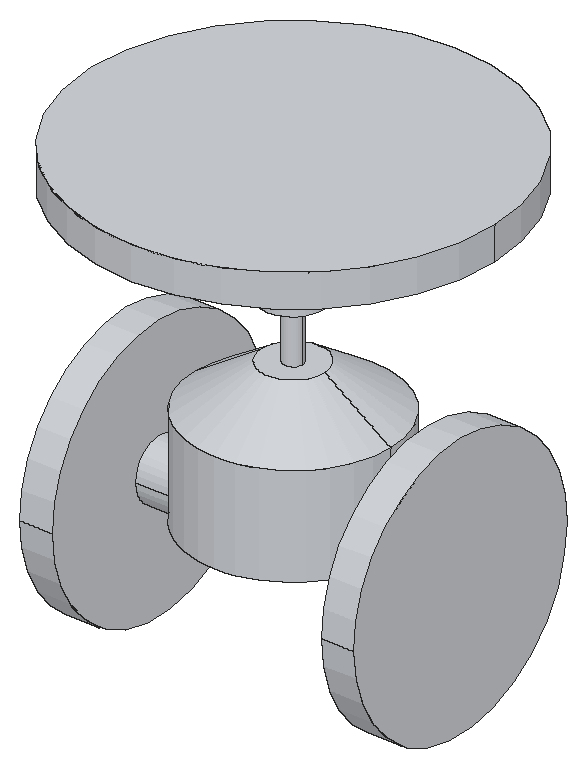
Revit family "M_Válvula de diafragma - Reto - 65-350 mm", category Acessórios do tubo, Revit 2019
Family settings
  Cota do conector redondo = Usar raio
  Tipo de parte = Válvula - Quebra entre
  Número OmniClass = 23.65.55.14.17
  Título OmniClass = Adjusting/Controlling Valves for Liquid Services
  ID de item do Seek = Diaphragm Valve - Straight - 65-350 mm-0000-CAN-ENU
  Com base no plano de trabalho = Não
  Sempre na vertical = Sim
  Corte com vazios quando carregada = Não
  Compartilhado = Não
Parameters (values of type "65 mm")
  Material da válvula = none
  Raio do tronco = 21 mm
  Altura do tronco = 0.3 * Altura total  # 67.5 mm
  Diâmetro do tronco = Raio do tronco * 2  # 42 mm
  Raio da tubulação = 20 mm
  Diâmetro da tubulação = Raio da tubulação * 2  # 40 mm
  Altura total = 225 mm
  Raio nominal = 32.5 mm
  Diâmetro nominal = Raio nominal * 2  # 65 mm
  Raio do pescoço = 0.3 * Raio do tronco  # 6.3 mm
  Altura do pescoço = 0.17 * Altura total  # 38.25 mm
  Diâmetro do pescoço = Raio do pescoço * 2  # 12.6 mm
  K Coefficient = 0.87
  Espessura da manivela = 22 mm
  Raio da manivela = 135 mm
  Material da manivela = none
  Diâmetro da manivela = Raio da manivela * 2  # 270 mm
  Comprimento do meio corpo = Comprimento do corpo * 0.5  # 90 mm
  Espessura do flange = 22 mm
  Raio da flange = 89 mm
  Diâmetro da flange = Raio da flange * 2  # 178 mm
  Raio da chapeleta = 3.12 * Raio do tronco  # 65.52 mm
  Altura da chapeleta = 67 mm
  Diâmetro da chapeleta = Raio da chapeleta * 2  # 131.04 mm
  Comprimento do corpo = 180 mm
Types (10, lengths in mm): name | Raio do tronco | Altura do tronco | Diâmetro do tronco | Raio da tubulação | Diâmetro da tubulação | Altura total | Raio nominal | Diâmetro nominal | Raio do pescoço | Altura do pescoço | Diâmetro do pescoço | K Coefficient | Espessura da manivela | Raio da manivela | Diâmetro da manivela | Comprimento do meio corpo | Espessura do flange | Raio da flange | Diâmetro da flange | Raio da chapeleta | Altura da chapeleta | Diâmetro da chapeleta | Comprimento do corpo
  (no name) | 21 | 67.5 | 42 | 20 | 40 | 225 | 32.5 | 65 | 6.3 | 38.25 | 12.6 | 0.87 | 22 | 135 | 270 | 90 | 22 | 89 | 178 | 65.52 | 67 | 131.04 | 180
  65 mm | 21 | 67.5 | 42 | 20 | 40 | 225 | 32.5 | 65 | 6.3 | 38.25 | 12.6 | 0.87 | 22 | 135 | 270 | 90 | 22 | 89 | 178 | 65.52 | 67 | 131.04 | 180
  80 mm | 24 | 77.1 | 48 | 24 | 48 | 257 | 40 | 80 | 7.2 | 43.69 | 14.4 | 0.66 | 27 | 140 | 280 | 108 | 24 | 95 | 190 | 74.88 | 75 | 149.76 | 216
  100 mm | 28 | 93 | 56 | 33 | 66 | 310 | 50 | 100 | 8.4 | 52.7 | 16.8 | 0.66 | 32 | 175 | 350 | 133 | 24 | 114 | 228 | 87.36 | 96 | 174.72 | 266
  125 mm | 32.5 | 111.6 | 65 | 43 | 86 | 372 | 62.5 | 125 | 9.75 | 63.24 | 19.5 | 0.65 | 40 | 175 | 350 | 157 | 24 | 125 | 250 | 101.4 | 117.5 | 202.8 | 314
  150 mm | 38 | 117 | 76 | 56 | 112 | 390 | 75 | 150 | 11.4 | 66.3 | 22.8 | 0.41 | 40 | 200 | 400 | 187.5 | 25 | 140 | 280 | 118.56 | 133 | 237.12 | 375
  200 mm | 48 | 165 | 96 | 72 | 144 | 550 | 100 | 200 | 14.4 | 93.5 | 28.8 | 0.55 | 54 | 265 | 530 | 235 | 28 | 170 | 340 | 149.76 | 180 | 299.52 | 470
  250 mm | 59 | 225 | 118 | 85 | 170 | 750 | 125 | 250 | 17.7 | 127.5 | 35.4 | 0.55 | 75 | 330 | 660 | 295 | 30 | 200 | 400 | 184.08 | 235 | 368.16 | 590
  300 mm | 68 | 186 | 136 | 120 | 240 | 620 | 150 | 300 | 20.4 | 105.4 | 40.8 | 0.5 | 57 | 378 | 756 | 347.5 | 32 | 240 | 480 | 212.16 | 235 | 424.32 | 695
  350 mm | 84 | 216 | 168 | 143 | 286 | 720 | 175 | 350 | 25.2 | 122.4 | 50.4 | 0.32 | 65 | 380 | 760 | 430 | 35 | 267 | 534 | 262.08 | 273 | 524.16 | 860
Reference planes
  plane 1 "Centro (Frente/Trás)": y = 0
  plane 2: z = 0
  plane 3 "Centro (Esquerda/Direita)": x = 0
  plane 4: x = -90
  plane 5: x = 90
  plane 6: x = -112
  plane 7: x = 112
  plane 8: z = 67
  plane 9: z = 225
  plane 10: z = 203
  plane 11: z = 134.5
  plane 12: z = 96.25
  plane 13: y = 89
  plane 14: y = -89
Forms (mm)
  Extrusion 1, solid, material <- "Material da válvula", detail levels fine
    sketch origin (0, 0, 0) x (0, 1, 0) y (0, 0, 1)
      loop
        circle (0, 0) r 89
    from -112 to -90
  Extrusion 2, solid, material <- "Material da válvula", detail levels fine
    sketch origin (0, 0, 0) x (0, 1, 0) y (0, 0, 1)
      loop
        circle (0, 0) r 89
    from 90 to 112
  Extrusion 3, solid, material <- "Material da válvula", detail levels fine
    sketch origin (0, 0, 0) x (0, 1, 0) y (0, 0, 1)
      loop
        circle (0, 0) r 20
    from -90 to 90
  Extrusion 4, solid, material <- "Material da válvula", detail levels fine
    sketch origin (0, 0, 0) x (1, 0, 0) y (0, 1, 0)
      loop
        circle (0, 0) r 65.52
    from 0 to 67
  Blend 5, solid, material <- "Material da válvula", detail levels fine
    base sketch origin (0, 0, 0) x (1, 0, 0) y (0, 1, 0)
      loop
        circle (0, 0) r 21
    top sketch origin (0, 0, 0) x (1, 0, 0) y (0, 1, 0)
      loop
        circle (0, 0) r 65.52
    from 96.25 to 67
  Extrusion 6, solid, material <- "Material da válvula", detail levels fine
    sketch origin (0, 0, 0) x (1, 0, 0) y (0, 1, 0)
      loop
        circle (0, 0) r 6.3
    from 96.25 to 134.5
  Extrusion 7, solid, material <- "Material da válvula", detail levels fine
    sketch origin (0, 0, 0) x (1, 0, 0) y (0, 1, 0)
      loop
        circle (0, 0) r 21
    from 134.5 to 203
  Extrusion 8, solid, material <- "Material da manivela", detail levels fine
    sketch origin (0, 0, 0) x (1, 0, 0) y (0, 1, 0)
      loop
        circle (0, 0) r 135
    from 203 to 225
Cuts and joins
  joined: Extrusion 1, Extrusion 2, Extrusion 3, Extrusion 4, Blend 5, Extrusion 6, Extrusion 7
Lines and regions (mm)
  model lines, detail levels coarse+medium
    curve 1: line (-112, 89, 0) -> (-112, -89, 0)
    curve 2: line (112, 89, 0) -> (112, -89, 0)
    curve 3: line (-112, -89, 0) -> (0, 89, 0)
    curve 5: line (112, -89, 0) -> (0, 89, 0)
    curve 6: line (-112, 89, 0) -> (112, 89, 0)
    curve 7: line (-213.6, 0, 0) -> (-112, 0, 0)
    curve 8: line (112, 0, 0) -> (213.6, 0, 0)
  model lines
    curve 4: line (0, 89, 0) -> (4.49, 84.51, 0)
Dimensions and locks
  equal spacing: plane 4, plane 3 "Centro (Esquerda/Direita)", plane 5
  "Comprimento do meio corpo": plane 4 to plane 3 "Centro (Esquerda/Direita)"
  "Espessura do flange": plane 6 to plane 4
  "Espessura do flange": plane 5 to plane 7
  "Altura da chapeleta": plane 8 to plane 2
  "Altura total": plane 9 to plane 2
  "Espessura da manivela": plane 9 to plane 10
  "Altura do tronco": plane 11 to plane 8
  "Altura do pescoço": plane 11 to plane 12
  "Raio da flange": plane 13 to plane 1 "Centro (Frente/Trás)"
  "Raio da flange": plane 1 "Centro (Frente/Trás)" to plane 14
  "Raio da flange": radius of Extrusion 1 sketch curve
  "Raio da flange": radius of Extrusion 2 sketch curve
  "Raio da tubulação": radius of Extrusion 3 sketch curve
  "Raio da chapeleta": radius of Extrusion 4 sketch curve
  "Raio do tronco": radius of Blend 5 sketch curve
  "Raio da chapeleta": radius of Blend 5 sketch curve
  "Raio do pescoço": radius of Extrusion 6 sketch curve
  "Raio do tronco": radius of Extrusion 7 sketch curve
  "Raio da manivela": radius of Extrusion 8 sketch curve
  aligned and locked: plane 1 "Centro (Frente/Trás)" to Extrusion 1 sketch curve
  aligned and locked: plane 2 to Extrusion 1 sketch curve
  aligned and locked: Extrusion 1 to plane 6
  aligned and locked: plane 4 to Extrusion 1
  aligned and locked: plane 1 "Centro (Frente/Trás)" to Extrusion 2 sketch curve
  aligned and locked: plane 2 to Extrusion 2 sketch curve
  aligned and locked: plane 7 to Extrusion 2
  aligned and locked: Extrusion 2 to plane 5
  aligned and locked: plane 1 "Centro (Frente/Trás)" to Extrusion 3 sketch curve
  aligned and locked: plane 2 to Extrusion 3 sketch curve
  aligned and locked: Extrusion 3 to plane 4
  aligned and locked: plane 5 to Extrusion 3
  aligned and locked: plane 3 "Centro (Esquerda/Direita)" to Extrusion 4 sketch curve
  aligned and locked: plane 1 "Centro (Frente/Trás)" to Extrusion 4 sketch curve
  aligned and locked: plane 8 to Extrusion 4
  aligned and locked: Extrusion 4 to plane 2
  aligned and locked: plane 3 "Centro (Esquerda/Direita)" to Blend 5 sketch curve  (x2)
  aligned and locked: plane 1 "Centro (Frente/Trás)" to Blend 5 sketch curve  (x2)
  aligned and locked: plane 8 to Blend 5
  aligned and locked: plane 12 to Blend 5
  aligned and locked: plane 3 "Centro (Esquerda/Direita)" to Extrusion 6 sketch curve
  aligned and locked: plane 1 "Centro (Frente/Trás)" to Extrusion 6 sketch curve
  aligned and locked: Extrusion 6 to plane 12
  aligned and locked: plane 11 to Extrusion 6
  aligned and locked: plane 3 "Centro (Esquerda/Direita)" to Extrusion 7 sketch curve
  aligned and locked: plane 1 "Centro (Frente/Trás)" to Extrusion 7 sketch curve
  aligned and locked: plane 10 to Extrusion 7
  aligned and locked: Extrusion 7 to plane 11
  aligned and locked: plane 3 "Centro (Esquerda/Direita)" to Extrusion 8 sketch curve
  aligned and locked: plane 1 "Centro (Frente/Trás)" to Extrusion 8 sketch curve
  aligned and locked: Extrusion 8 to plane 10
  aligned and locked: plane 9 to Extrusion 8
  aligned and locked: plane 14 to curve 1
  aligned and locked: curve 1 to plane 6
  aligned and locked: plane 14 to curve 2
  aligned and locked: plane 13 to curve 2
  aligned and locked: curve 2 to plane 7
  aligned and locked: curve 6 to plane 13
  aligned and locked: plane 6 to curve 7
  aligned and locked: plane 1 "Centro (Frente/Trás)" to curve 7
  aligned and locked: plane 7 to curve 8
  aligned and locked: plane 1 "Centro (Frente/Trás)" to curve 8
Automatic sketch dimensions
  curve 3 to plane 3 "Centro (Esquerda/Direita)" = 0 mm
  curve 7 to plane 6 = 101.6 mm
  plane 3 "Centro (Esquerda/Direita)" to curve 4 = 4.49 mm
  curve 8 to curve 8 = 101.6 mm
  curve 4 to plane 13 = 4.49 mm
Connectors
  piping at (-112, 0, 0), diameter 65, driven by "Raio nominal"
    settings: on Extrusion 1, index 1, connector inside diameter 65 mm, connector length 0 mm, flow factor 0, pipe flow 0.0 L/s, pressure drop 0.0 Pa, fitting loss kfactor 0, connector angle 0.00°, fixture units 0, engagement length 0 mm, angle of deflection 0.00°, flow configuration 0, flow direction 0, fitting loss method 2, system type 29, joint type 0, gender type 0, connector reference index 2, connector utility 0, adjustable connector no, is connector primary yes, connector description ""
  piping at (112, 0, 0), diameter 65, driven by "Raio nominal", driven by "K Coefficient"
    settings: on Extrusion 2, index 2, connector inside diameter 65 mm, connector length 0 mm, flow factor 0, pipe flow 0.0 L/s, pressure drop 0.0 Pa, fitting loss kfactor 0.87, connector angle 0.00°, fixture units 0, engagement length 0 mm, angle of deflection 0.00°, flow configuration 0, flow direction 0, fitting loss method 2, system type 29, joint type 0, gender type 0, connector reference index 1, connector utility 0, adjustable connector no, is connector primary no, connector description ""
